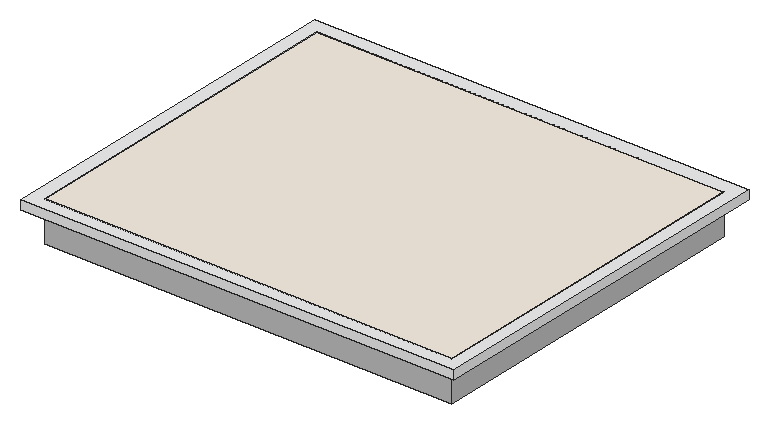
Revit family "Lighting-Industriale-GEWISS-ELIA-HL-LED_RIFLETTORE", category Apparecchi per illuminazione, host Superficie, Revit 2019 (continued)
Types (12, lengths in mm): name | Tensione | Scheda Tecnica | Potenza di sistema | Peso (kg): | Peso (kg) | Ottica | built-in parameter 1150142 | Lumen output (lm) | Modello | IDT | File diagramma fotometrico | Description
    4565.40 \r\n4400.20 4239.20 4081.00 3925.60 3774.40 3628.80 3483.20 \r\n3340.40 3200.40 3063.20 2927.40 2797.62 2669.94 2545.62 \r\n2423.26 2305.52 2195.48 2089.08 1982.40 1878.24 1777.30 \r\n1678.60 1580.46 1485.12 1393.84 1306.76 1224.02 1145.76 \r\n1072.40 1003.10 937.30 875.00 816.48 760.76 707.28 656.18 \r\n607.32 560.42 515.76 472.78 430.22 389.48 351.68 315.98 \r\n282.38 250.88 221.75 194.63 169.27 145.60 123.31 102.66 \r\n83.69 66.56 51.24 38.23 28.15 20.48 15.09 11.57 9.41 8.79 \r\n8142.40 8142.40 8143.80 8143.80 8146.60 8148.00 8150.80 \r\n8153.60 8156.40 8159.20 8162.00 8167.60 8173.20 8177.40 \r\n8183.00 8190.00 8197.00 8204.00 8211.00 8219.40 8226.40 \r\n8234.80 8244.60 8253.00 8261.40 8269.80 8278.20 8286.60 \r\n8295.00 8303.40 8311.80 8321.60 8330.00 8339.80 8349.60 \r\n8359.40 8369.20 8379.00 8390.20 8398.60 8409.80 8421.00 \r\n8430.80 8442.00 8453.20 8463.00 8475.60 8486.80 8499.40 \r\n8510.60 8523.20 8535.80 8547.00 8558.20 8570.80 8582.00 \r\n8593.20 8603.00 8614.20 8622.60 8629.60 8638.00 8643.60 \r\n8649.20 8653.40 8654.80 8657.60 8657.60 8656.20 8654.80 \r\n8652.00 8647.80 8642.20 8635.20 8626.80 8615.60 8603.00 \r\n8587.60 8570.80 8551.20 8531.60 8507.80 8482.60 8456.00 \r\n8428.00 8398.60 8365.00 8330.00 8293.60 8253.00 8211.00 \r\n8164.80 8113.00 8059.80 7998.20 7926.80 7844.20 7754.60 \r\n7656.60 7548.80 7435.40 7319.20 7200.20 7077.00 6946.80 \r\n6806.80 6658.40 6501.60 6332.20 6154.40 5969.60 5783.40 \r\n5598.60 5416.60 5238.80 5062.40 4891.60 4727.80 4564.00 \r\n4401.60 4239.20 4081.00 3925.60 3775.80 3627.40 3483.20 \r\n3340.40 3200.40 3063.20 2928.80 2798.32 2670.36 2546.60 \r\n2425.64 2308.88 2198.84 2091.74 1984.50 1879.22 1778.14 \r\n1679.30 1581.02 1485.40 1394.40 1307.32 1224.58 1146.32 \r\n1072.96 1003.66 937.72 875.42 816.62 760.90 707.56 656.46 \r\n607.60 560.70 515.76 472.64 430.22 389.62 351.82 316.26 \r\n282.74 251.22 222.19 195.12 169.64 145.81 123.54 102.90 \r\n83.87 66.70 51.41 38.42 28.29 20.59 15.19 11.65 9.46 8.80 \r\n8142.40 8142.40 8143.80 8143.80 8146.60 8148.00 8149.40 \r\n8153.60 8156.40 8159.20 8163.40 8167.60 8173.20 8177.40 \r\n8184.40 8190.00 8197.00 8205.40 8212.40 8219.40 8229.20 \r\n8236.20 8244.60 8253.00 8261.40 8269.80 8278.20 8286.60 \r\n8295.00 8303.40 8313.20 8321.60 8331.40 8339.80 8349.60 \r\n8359.40 8369.20 8380.40 8390.20 8400.00 8409.80 8421.00 \r\n8432.20 8442.00 8453.20 8464.40 8477.00 8488.20 8500.80 \r\n8513.40 8526.00 8537.20 8549.80 8561.00 8572.20 8583.40 \r\n8594.60 8605.80 8615.60 8624.00 8632.40 8639.40 8645.00 \r\n8650.60 8654.80 8657.60 8657.60 8657.60 8657.60 8656.20 \r\n8653.40 8649.20 8643.60 8636.60 8628.20 8617.00 8604.40 \r\n8589.00 8570.80 8552.60 8531.60 8509.20 8484.00 8457.40 \r\n8429.40 8400.00 8366.40 8331.40 8295.00 8255.80 8213.80 \r\n8167.60 8115.80 8062.60 7999.60 7926.80 7845.60 7753.20 \r\n7655.20 7547.40 7434.00 7317.80 7198.80 7075.60 6946.80 \r\n6806.80 6658.40 6500.20 6332.20 6153.00 5968.20 5782.00 \r\n5595.80 5416.60 5238.80 5063.80 4891.60 4726.40 4564.00 \r\n4400.20 4239.20 4081.00 3927.00 3775.80 3628.80 3483.20 \r\n3340.40 3200.40 3063.20 2928.80 2797.62 2670.92 2547.44 \r\n2427.74 2311.96 2201.92 2094.54 1986.32 1880.20 1778.70 \r\n1679.58 1581.16 1485.54 1394.54 1307.74 1225.00 1146.74 \r\n1073.38 1004.08 938.00 875.56 816.76 760.90 707.70 656.88 \r\n607.74 560.84 515.76 472.50 430.22 389.76 352.10 316.54 \r\n282.95 251.51 222.57 195.55 169.96 145.98 123.72 103.12 \r\n84.06 66.82 51.56 38.61 28.45 20.70 15.28 11.73 9.51 8.81 \r\n8142.40 8142.40 8143.80 8145.20 8146.60 8146.60 8149.40 \r\n8152.20 8156.40 8159.20 8163.40 8167.60 8173.20 8177.40 \r\n8184.40 8191.40 8197.00 8205.40 8212.40 8220.80 8229.20 \r\n8237.60 8246.00 8254.40 8264.20 8272.60 8279.60 8288.00 \r\n8296.40 8306.20 8314.60 8323.00 8332.80 8339.80 8349.60 \r\n8359.40 8370.60 8380.40 8390.20 8401.40 8409.80 8421.00 \r\n8432.20 8443.40 8453.20 8464.40 8477.00 8491.00 8502.20 \r\n8514.80 8527.40 8540.00 8551.20 8563.80 8575.00 8586.20 \r\n8598.80 8608.60 8618.40 8625.40 8633.80 8642.20 8647.80 \r\n8653.40 8656.20 8657.60 8660.40 8660.40 8660.40 8657.60 \r\n8654.80 8652.00 8645.00 8636.60 8628.20 8618.40 8605.80 \r\n8589.00 8570.80 8552.60 8533.00 8509.20 8485.40 8457.40 \r\n8429.40 8401.40 8367.80 8332.80 8296.40 8257.20 8213.80 \r\n8169.00 8117.20 8064.00 8001.00 7926.80 7844.20 7754.60 \r\n7653.80 7546.00 7432.60 7315.00 7197.40 7074.20 6945.40 \r\n6806.80 6657.00 6500.20 6332.20 6151.60 5966.80 5780.60 \r\n5594.40 5413.80 5238.80 5063.80 4893.00 4726.40 4564.00 \r\n4401.60 4240.60 4081.00 3927.00 3775.80 3628.80 3483.20 \r\n3340.40 3200.40 3063.20 2930.20 2798.32 2671.34 2548.42 \r\n2429.84 2315.32 2205.00 2096.92 1987.72 1880.76 1778.98 \r\n1679.86 1581.16 1485.54 1394.54 1307.74 1225.14 1147.16 \r\n1073.80 1004.36 938.28 875.70 816.76 760.90 707.84 657.16 \r\n608.02 560.84 515.62 472.08 429.94 389.90 352.10 316.68 \r\n283.08 251.72 222.88 195.93 170.20 146.10 123.86 103.31 \r\n84.20 66.92 51.72 38.79 28.60 20.80 15.36 11.80 9.56 8.82 \r\n8142.40 8142.40 8143.80 8145.20 8146.60 8148.00 8149.40 \r\n8152.20 8156.40 8159.20 8163.40 8167.60 8173.20 8177.40 \r\n8184.40 8191.40 8197.00 8205.40 8213.80 8220.80 8229.20 \r\n8237.60 8246.00 8255.80 8264.20 8272.60 8281.00 8289.40 \r\n8297.80 8306.20 8314.60 8323.00 8332.80 8342.60 8349.60 \r\n8360.80 8370.60 8380.40 8390.20 8401.40 8411.20 8421.00 \r\n8432.20 8443.40 8454.60 8467.20 8478.40 8491.00 8503.60 \r\n8516.20 8527.40 8541.40 8554.00 8565.20 8576.40 8589.00 \r\n8600.20 8611.40 8619.80 8628.20 8635.20 8643.60 8649.20 \r\n8653.40 8656.20 8660.40 8660.40 8661.80 8660.40 8659.00 \r\n8656.20 8652.00 8646.40 8639.40 8629.60 8618.40 8604.40 \r\n8590.40 8572.20 8554.00 8534.40 8510.60 8484.00 8458.80 \r\n8430.80 8401.40 8369.20 8334.20 8297.80 8257.20 8215.20 \r\n8171.80 8120.00 8065.40 8002.40 7928.20 7845.60 7753.20 \r\n7652.40 7543.20 7429.80 7313.60 7196.00 7074.20 6945.40 \r\n6806.80 6657.00 6498.80 6330.80 6150.20 5965.40 5777.80 \r\n5594.40 5413.80 5238.80 5063.80 4893.00 4727.80 4564.00 \r\n4401.60 4240.60 4082.40 3927.00 3775.80 3627.40 3483.20 \r\n3341.80 3201.80 3064.60 2930.20 2798.46 2671.76 2549.26 \r\n2431.80 2318.12 2207.80 2099.02 1989.12 1881.18 1778.98 \r\n1679.86 1581.02 1485.12 1394.26 1307.60 1225.14 1147.02 \r\n1073.66 1004.50 938.28 875.70 816.62 760.76 707.84 657.30 \r\n608.16 560.84 515.34 471.80 429.80 389.76 352.10 316.68 \r\n283.22 251.86 223.13 196.25 170.39 146.16 123.96 103.45 \r\n84.31 67.00 51.84 38.99 28.75 20.90 15.44 11.87 9.59 8.82 \r\n8142.40 8142.40 8143.80 8145.20 8146.60 8148.00 8149.40 \r\n8152.20 8156.40 8159.20 8163.40 8167.60 8173.20 8178.80 \r\n8184.40 8191.40 8197.00 8205.40 8213.80 8222.20 8229.20 \r\n8237.60 8247.40 8255.80 8264.20 8272.60 8281.00 8289.40 \r\n8299.20 8306.20 8314.60 8324.40 8332.80 8342.60 8351.00 \r\n8360.80 8370.60 8380.40 8390.20 8401.40 8411.20 8421.00 \r\n8432.20 8443.40 8454.60 8467.20 8478.40 8492.40 8505.00 \r\n8517.60 8530.20 8542.80 8555.40 8568.00 8579.20 8591.80 \r\n8603.00 8612.80 8621.20 8629.60 8638.00 8645.00 8649.20 \r\n8654.80 8659.00 8660.40 8663.20 8663.20 8663.20 8660.40 \r\n8657.60 8654.80 8647.80 8639.40 8629.60 8619.80 8605.80 \r\n8590.40 8572.20 8554.00 8533.00 8510.60 8485.40 8458.80 \r\n8430.80 8401.40 8370.60 8335.60 8299.20 8260.00 8218.00 \r\n8171.80 8122.80 8068.20 8003.80 7929.60 7844.20 7751.80 \r\n7651.00 7541.80 7428.40 7313.60 7194.60 7072.80 6944.00 \r\n6805.40 6655.60 6497.40 6328.00 6150.20 5964.00 5777.80 \r\n5591.60 5413.80 5238.80 5065.20 4894.40 4727.80 4562.60 \r\n4401.60 4240.60 4082.40 3928.40 3775.80 3627.40 3483.20 \r\n3341.80 3201.80 3064.60 2930.20 2798.60 2671.90 2549.82 \r\n2433.48 2320.64 2210.18 2100.84 1989.82 1881.18 1778.84 \r\n1679.44 1580.32 1484.42 1393.70 1307.32 1224.86 1146.74 \r\n1073.52 1004.36 938.28 875.56 816.34 760.34 707.70 657.30 \r\n608.16 560.70 515.06 471.38 429.52 389.62 352.10 316.68 \r\n283.08 251.90 223.29 196.46 170.51 146.17 124.00 103.56 \r\n84.39 67.05 51.95 39.16 28.91 20.99 15.51 11.92 9.62 8.83 \r\n8142.40 8142.40 8143.80 8145.20 8146.60 8148.00 8149.40 \r\n8152.20 8155.00 8159.20 8163.40 8167.60 8173.20 8178.80 \r\n8185.80 8191.40 8198.40 8205.40 8213.80 8222.20 8230.60 \r\n8240.40 8248.80 8257.20 8265.60 8275.40 8282.40 8290.80 \r\n8299.20 8307.60 8316.00 8325.80 8332.80 8342.60 8351.00 \r\n8360.80 8370.60 8380.40 8390.20 8401.40 8412.60 8421.00 \r\n8433.60 8443.40 8454.60 8468.60 8479.80 8492.40 8505.00 \r\n8519.00 8531.60 8544.20 8556.80 8569.40 8580.60 8593.20 \r\n8604.40 8614.20 8624.00 8631.00 8639.40 8645.00 8652.00 \r\n8656.20 8659.00 8663.20 8664.60 8664.60 8664.60 8661.80 \r\n8659.00 8654.80 8647.80 8640.80 8631.00 8619.80 8605.80 \r\n8590.40 8573.60 8554.00 8533.00 8509.20 8485.40 8460.20 \r\n8432.20 8401.40 8370.60 8337.00 8299.20 8261.40 8219.40 \r\n8174.60 8124.20 8069.60 8005.20 7931.00 7845.60 7750.40 \r\n7649.60 7540.40 7427.00 7312.20 7194.60 7072.80 6945.40 \r\n6804.00 6655.60 6496.00 6328.00 6147.40 5962.60 5776.40 \r\n5591.60 5413.80 5238.80 5065.20 4895.80 4727.80 4564.00 \r\n4401.60 4240.60 4083.80 3928.40 3775.80 3627.40 3481.80 \r\n3341.80 3201.80 3064.60 2931.60 2798.88 2672.18 2550.52 \r\n2434.88 2322.74 2211.86 2101.96 1990.24 1881.04 1778.14 \r\n1678.60 1579.48 1483.58 1393.00 1306.62 1224.30 1146.32 \r\n1073.10 1003.94 937.86 875.28 815.92 759.92 707.42 657.30 \r\n608.02 560.42 514.64 470.82 429.10 389.34 351.96 316.54 \r\n283.08 251.86 223.34 196.57 170.55 146.10 123.98 103.61 \r\n84.43 67.09 52.05 39.33 29.04 21.08 15.57 11.96 9.64 8.83 \r\n8142.40 8142.40 8143.80 8145.20 8146.60 8148.00 8149.40 \r\n8152.20 8155.00 8159.20 8163.40 8167.60 8173.20 8178.80 \r\n8185.80 8191.40 8199.80 8206.80 8215.20 8223.60 8232.00 \r\n8240.40 8248.80 8257.20 8267.00 8275.40 8283.80 8292.20 \r\n8300.60 8309.00 8317.40 8325.80 8334.20 8342.60 8351.00 \r\n8360.80 8370.60 8380.40 8391.60 8401.40 8412.60 8422.40 \r\n8433.60 8444.80 8457.40 8468.60 8479.80 8493.80 8506.40 \r\n8520.40 8534.40 8547.00 8558.20 8572.20 8583.40 8596.00 \r\n8605.80 8617.00 8625.40 8633.80 8640.80 8647.80 8653.40 \r\n8657.60 8660.40 8663.20 8664.60 8666.00 8664.60 8663.20 \r\n8660.40 8654.80 8650.60 8640.80 8631.00 8619.80 8607.20 \r\n8590.40 8573.60 8554.00 8534.40 8510.60 8485.40 8460.20 \r\n8432.20 8402.80 8372.00 8337.00 8300.60 8262.80 8219.40 \r\n8176.00 8128.40 8071.00 8006.60 7931.00 7847.00 7751.80 \r\n7648.20 7539.00 7425.60 7310.80 7191.80 7071.40 6944.00 \r\n6804.00 6654.20 6494.60 6326.60 6147.40 5962.60 5775.00 \r\n5588.80 5411.00 5238.80 5065.20 4894.40 4727.80 4564.00 \r\n4401.60 4242.00 4083.80 3929.80 3775.80 3627.40 3481.80 \r\n3340.40 3201.80 3064.60 2931.60 2798.60 2672.60 2550.94 \r\n2435.86 2324.28 2213.12 2102.66 1990.24 1880.20 1777.16 \r\n1677.62 1578.36 1482.32 1391.88 1305.64 1223.32 1145.62 \r\n1072.54 1003.38 937.16 874.58 815.36 759.36 707.00 657.02 \r\n607.74 560.14 514.08 470.26 428.68 389.06 351.68 316.40 \r\n282.94 251.72 223.27 196.59 170.48 145.96 123.91 103.61 \r\n84.43 67.09 52.12 39.45 29.15 21.16 15.63 11.99 9.66 8.83 \r\n8142.40 8142.40 8143.80 8145.20 8145.20 8148.00 8149.40 \r\n8152.20 8155.00 8159.20 8163.40 8169.00 8173.20 8180.20 \r\n8185.80 8191.40 8199.80 8206.80 8215.20 8223.60 8232.00 \r\n8240.40 8248.80 8258.60 8267.00 8275.40 8283.80 8292.20 \r\n8300.60 8309.00 8317.40 8325.80 8334.20 8344.00 8351.00 \r\n8360.80 8370.60 8380.40 8390.20 8400.00 8411.20 8422.40 \r\n8433.60 8444.80 8456.00 8468.60 8481.20 8495.20 8507.80 \r\n8521.80 8534.40 8547.00 8561.00 8572.20 8584.80 8596.00 \r\n8607.20 8617.00 8626.80 8633.80 8642.20 8647.80 8653.40 \r\n8657.60 8661.80 8663.20 8666.00 8667.40 8664.60 8663.20 \r\n8660.40 8654.80 8649.20 8640.80 8631.00 8619.80 8605.80 \r\n8590.40 8573.60 8554.00 8533.00 8510.60 8484.00 8458.80 \r\n8432.20 8402.80 8372.00 8337.00 8300.60 8262.80 8220.80 \r\n8177.40 8129.80 8072.40 8008.00 7932.40 7848.40 7753.20 \r\n7649.60 7539.00 7425.60 7309.40 7191.80 7070.00 6942.60 \r\n6802.60 6652.80 6493.20 6325.20 6146.00 5962.60 5776.40 \r\n5590.20 5412.40 5238.80 5066.60 4897.20 4729.20 4565.40 \r\n4401.60 4242.00 4086.60 3931.20 3778.60 3628.80 3484.60 \r\n3341.80 3203.20 3067.40 2931.60 2800.56 2673.58 2551.08 \r\n2434.74 2321.90 2210.04 2099.30 1986.88 1876.98 1773.94 \r\n1674.40 1575.28 1479.24 1388.66 1302.56 1220.52 1142.96 \r\n1070.02 1001.00 935.20 872.62 813.54 757.68 705.60 655.62 \r\n606.48 559.02 513.24 469.42 427.70 387.94 350.84 315.84 \r\n282.38 250.91 222.46 195.80 169.79 145.40 123.45 103.28 \r\n84.17 66.91 52.04 39.45 29.20 21.22 15.65 11.96 9.63 8.82 \r\n8142.40 8142.40 8143.80 8145.20 8145.20 8148.00 8149.40 \r\n8152.20 8155.00 8159.20 8163.40 8169.00 8173.20 8180.20 \r\n8185.80 8191.40 8199.80 8208.20 8215.20 8223.60 8232.00 \r\n8241.80 8251.60 8260.00 8268.40 8275.40 8283.80 8293.60 \r\n8302.00 8309.00 8317.40 8325.80 8334.20 8344.00 8351.00 \r\n8360.80 8369.20 8380.40 8390.20 8400.00 8411.20 8422.40 \r\n8433.60 8444.80 8456.00 8468.60 8481.20 8495.20 8507.80 \r\n8523.20 8535.80 8549.80 8561.00 8575.00 8586.20 8598.80 \r\n8610.00 8619.80 8628.20 8636.60 8642.20 8649.20 8654.80 \r\n8659.00 8661.80 8666.00 8666.00 8667.40 8666.00 8663.20 \r\n8660.40 8654.80 8649.20 8640.80 8629.60 8617.00 8605.80 \r\n8589.00 8570.80 8552.60 8533.00 8509.20 8484.00 8458.80 \r\n8430.80 8401.40 8370.60 8337.00 8300.60 8262.80 8223.60 \r\n8180.20 8129.80 8073.80 8009.40 7933.80 7849.80 7754.60 \r\n7651.00 7539.00 7422.80 7308.00 7190.40 7070.00 6941.20 \r\n6799.80 6650.00 6490.40 6322.40 6146.00 5964.00 5777.80 \r\n5591.60 5413.80 5238.80 5066.60 4898.60 4730.60 4566.80 \r\n4404.40 4243.40 4086.60 3931.20 3778.60 3630.20 3484.60 \r\n3343.20 3203.20 3067.40 2933.00 2801.40 2674.42 2550.94 \r\n2433.20 2318.82 2206.40 2095.24 1982.96 1873.34 1770.44 \r\n1670.90 1571.78 1476.02 1385.30 1299.06 1217.44 1140.16 \r\n1067.36 998.48 932.68 870.38 811.58 756.00 703.78 654.08 \r\n605.08 557.76 512.12 468.44 426.58 386.96 350.14 315.28 \r\n281.68 250.03 221.54 194.94 169.02 144.76 122.95 102.89 \r\n83.89 66.70 51.94 39.44 29.24 21.28 15.66 11.93 9.59 8.80 \r\n8142.40 8142.40 8142.40 8145.20 8145.20 8148.00 8149.40 \r\n8152.20 8155.00 8159.20 8163.40 8169.00 8174.60 8180.20 \r\n8185.80 8192.80 8199.80 8208.20 8216.60 8225.00 8233.40 \r\n8243.20 8251.60 8260.00 8268.40 8276.80 8286.60 8295.00 \r\n8303.40 8310.40 8317.40 8325.80 8335.60 8344.00 8352.40 \r\n8362.20 8370.60 8380.40 8390.20 8401.40 8411.20 8422.40 \r\n8432.20 8444.80 8456.00 8470.00 8481.20 8495.20 8509.20 \r\n8523.20 8537.20 8549.80 8563.80 8575.00 8587.60 8598.80 \r\n8610.00 8619.80 8628.20 8636.60 8643.60 8650.60 8654.80 \r\n8659.00 8663.20 8666.00 8667.40 8667.40 8666.00 8663.20 \r\n8660.40 8654.80 8647.80 8639.40 8629.60 8617.00 8603.00 \r\n8589.00 8570.80 8552.60 8530.20 8509.20 8484.00 8457.40 \r\n8429.40 8401.40 8369.20 8335.60 8300.60 8264.20 8223.60 \r\n8180.20 8131.20 8075.20 8010.80 7935.20 7851.20 7757.40 \r\n7652.40 7540.40 7424.20 7308.00 7190.40 7068.60 6941.20 \r\n6799.80 6648.60 6487.60 6321.00 6144.60 5965.40 5779.20 \r\n5593.00 5415.20 5240.20 5068.00 4897.20 4730.60 4566.80 \r\n4404.40 4244.80 4088.00 3934.00 3781.40 3631.60 3486.00 \r\n3344.60 3203.20 3067.40 2933.00 2804.20 2675.40 2550.94 \r\n2431.38 2315.32 2202.34 2091.04 1978.90 1869.56 1766.66 \r\n1667.26 1568.42 1472.52 1381.94 1295.70 1214.22 1137.22 \r\n1064.56 995.82 930.30 868.28 809.62 754.18 702.10 652.40 \r\n603.54 556.50 511.14 467.60 425.60 385.84 349.30 314.72 \r\n280.84 249.09 220.57 194.00 168.21 144.10 122.42 102.48 \r\n83.58 66.49 51.83 39.40 29.26 21.33 15.67 11.88 9.54 8.79 \r\n8142.40 8142.40 8142.40 8145.20 8145.20 8148.00 8149.40 \r\n8152.20 8155.00 8159.20 8163.40 8169.00 8173.20 8180.20 \r\n8185.80 8192.80 8199.80 8208.20 8216.60 8225.00 8233.40 \r\n8243.20 8251.60 8260.00 8268.40 8278.20 8286.60 8295.00 \r\n8303.40 8311.80 8318.80 8327.20 8335.60 8344.00 8352.40 \r\n8362.20 8370.60 8380.40 8390.20 8401.40 8409.80 8421.00 \r\n8432.20 8443.40 8457.40 8468.60 8482.60 8496.60 8509.20 \r\n8523.20 8538.60 8552.60 8563.80 8577.80 8589.00 8600.20 \r\n8611.40 8621.20 8629.60 8638.00 8645.00 8652.00 8656.20 \r\n8660.40 8663.20 8666.00 8667.40 8667.40 8666.00 8663.20 \r\n8660.40 8654.80 8647.80 8639.40 8626.80 8615.60 8603.00 \r\n8586.20 8569.40 8549.80 8530.20 8506.40 8482.60 8457.40 \r\n8429.40 8400.00 8369.20 8335.60 8300.60 8264.20 8223.60 \r\n8181.60 8134.00 8076.60 8012.20 7936.60 7852.60 7757.40 \r\n7653.80 7541.80 7424.20 7308.00 7189.00 7068.60 6938.40 \r\n6797.00 6644.40 6486.20 6319.60 6144.60 5966.80 5780.60 \r\n5595.80 5416.60 5240.20 5068.00 4898.60 4732.00 4568.20 
